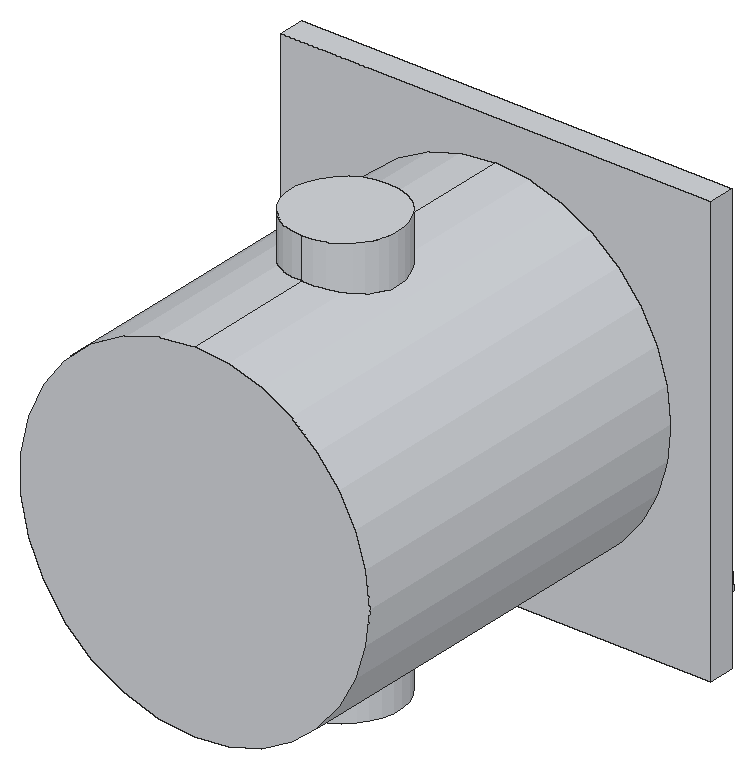
Revit family "LS_Kreuzschalter_V1700", category Lichtschalter, Revit 2017
Family settings
  Beschriftungsausrichtung beibehalten = Nein
  Bemaßung runder Anschluss = Durchmesser verwenden
  Teiletyp = Schalter
  OmniClass-Nummer = 23.80.70.00
  OmniClass-Titel = Lighting
  Arbeitsebenenbasiert = Nein
  Immer vertikal = Ja
  Beim Laden mit Abzugskörper schneiden = Nein
  Gemeinsam genutzt = Nein
  Raumberechnungspunkt = Nein
Parameters (values of type "Kreuzschalter_Leuchte")
  pbr_Material_KZ = ""
  pbr_Material = none
  pbr_E_Typ = ""
  pbr_E_KZ = ""
  pbr_DINBild = 0
  pbr_Bild = 0
  pbr_3Dx_Delta_Korrekturversatz [instance] = 0 mm
  pbr_3DX_Versatzfaktor [instance] = 0
  pbr_2DY_Versatzfaktor [instance] = 0
  pbr_2DX_Versatzfaktor [instance] = 0
  lfd_STRK [instance] = 0
  cpiFitMatchKey [instance] = "E-DS"
  Zentrale [instance] = ""
  Typ [instance] = ""
  Text3 [instance] = ""
  Text2 [instance] = ""
  Text1 [instance] = ""
  Schaltgruppe2 [instance] = 0
  Schaltgruppe1 [instance] = 0
  Planungsbüro Rohling = "www.pbr.de"
  Netzart = ""
  Menge(Dosenzahl) [instance] = 0
  Linie/Anschluss [instance] = ""
  Lastklassifizierung = none
  Kreuzschalter mit Lampe = yes
  Kreuzschalter = no
  Klingel = yes
  Installationsart [instance] = ""
  Info [instance] = ""
  IFC = ""
  Gewerk [instance] = "Schalt"
  Eckversatz [instance] = 0 mm
  YFrontversatz [instance] = if(pbr_2DY_Versatzfaktor = 300, 0 mm, pbr_2DY_Versatzfaktor * 300 mm)  # 0 mm
  XSeitenversatz [instance] = if(pbr_2DX_Versatzfaktor = 0, 3000 mm, 3000 mm + (pbr_2DX_Versatzfaktor * 300 mm)) + Eckversatz  # 3000 mm
  R_Leerrohranschluss = 10 mm
  Niveau [instance] = 1100 mm
  Dosentiefe = 70 mm  # constant formula
  Dosenradius = 65 mm / 2  # 32.5 mm
  D_Leerrohranschluss = 2 * R_Leerrohranschluss  # 20 mm
  Breite = 80 mm
  3DX_Versatzkontrolle [instance] = if(pbr_3DX_Versatzfaktor = 0, (pbr_2DX_Versatzfaktor * -1), (((-1 * pbr_3DX_Versatzfaktor) + pbr_2DX_Versatzfaktor) * -1))  # 0
  3DX_Versatz [instance] = if([3DX_Versatzkontrolle] = 0, 2000 mm, 2000 mm + ([3DX_Versatzkontrolle] * (300 mm - Breite))) + pbr_3Dx_Delta_Korrekturversatz  # 2000 mm
  Platzierrahmen [instance] = no
Types (2, lengths in mm): name | pbr_2DY_Versatzfaktor | pbr_2DX_Versatzfaktor | Kreuzschalter mit Lampe | Kreuzschalter | YFrontversatz | XSeitenversatz | 3DX_Versatzkontrolle | 3DX_Versatz
  Kreuzschalter | 2 | 2 | no | yes | 600 | 3600 | -2 | 1560
  Kreuzschalter_Leuchte | 0 | 0 | yes | no | 0 | 3000 | 0 | 2000
Reference planes
  plane 1 "Mitte (Vorne/Hinten)": y = 0
  plane 2: z = 0
  plane 3 "Mitte (Links/Rechts)": x = -440
  plane 4: x = -480
  plane 5: x = -400
  plane 6: z = 1140
  plane 7: z = 1060
  plane 8 "SchalterVorne": y = 5
  plane 9 "3DSchalterMitte": x = -440
  plane 10: z = 1100
  plane 11: y = -70
  plane 12: y = -35
  plane 13: x = -3440
  plane 14: x = -440
  plane 15: y = 0
Forms (mm)
  Extrusion 1, solid
    sketch origin (0, 20, 0) x (0, 0, 1) y (-1, 0, 0)
      loop
        line (1060, 480) -> (1060, 400) -> (1140, 400) -> (1140, 480) -> (1060, 480)
    from 15 to 20
  Sweep 2, solid
    path origin (-440, 0, 0) x (0, 0, 1) y (0, -1, 0)
      loop
        line (1100, 0) -> (1100, 70)
    profile origin (-440, -35, 1100) x (0, 0, -1) y (1, 0, 0)
      loop
        circle (0, 0) r 32.5
  Sweep 3, solid
    path origin (0, 0, 0) x (1, 0, 0) y (0, 1, 0)
      loop
        line (-472.5, 0) -> (-407.5, 0)
    profile origin (-440, 0, 0) x (0, 1, 0) y (0, 0, 1)
      loop
        line (5, 1135) -> (5, 1066.102) -> (14.712, 1066.102) -> (7.47, 1135) -> (5, 1135)
  Sweep 4, solid
    path origin (-440, 0, 0) x (0, 0, 1) y (0, -1, 0)
      loop
        line (1060, 35) -> (1140, 35)
    profile origin (-440, -35, 1100) x (0, -1, 0) y (1, 0, 0)
      loop
        circle (0, 0) r 10
Cuts and joins
  joined: Sweep 2, Sweep 4
  joined: Extrusion 1, Sweep 3
Dimensions and locks
  plane 5 to plane 4 = 80 mm
  plane 6 to plane 7 = 80 mm
  equal spacing: plane 5, plane 9 "3DSchalterMitte", plane 4
  equal spacing: plane 6, plane 10, plane 7
  "Niveau": plane 10 to level
  "Dosentiefe": plane 1 "Mitte (Vorne/Hinten)" to plane 11
  plane 8 "SchalterVorne" to plane 1 "Mitte (Vorne/Hinten)" = 5 mm
  Sweep 3 sketch curve to plane 6 = 5 mm
  "Breite": plane 5 to plane 4
  locked: plane 13 to plane 9 "3DSchalterMitte" at 3000
  plane 13 to cut or joined group of Extrusion 1, Sweep 3 = 2960 mm
  "XSeitenversatz": plane 13 to plane 14
  "YFrontversatz": plane 1 "Mitte (Vorne/Hinten)" to plane 15
  "Dosenradius": radius of Sweep 2 sketch curve
  "R_Leerrohranschluss": radius of Sweep 4 sketch curve
  aligned and locked: level to plane 2
  aligned and locked: Extrusion 1 sketch curve to plane 7
  aligned and locked: Extrusion 1 sketch curve to plane 4
  aligned and locked: Extrusion 1 sketch curve to plane 6
  aligned and locked: plane 5 to Extrusion 1 sketch curve
  aligned and locked: plane 1 "Mitte (Vorne/Hinten)" to Extrusion 1
  aligned and locked: Extrusion 1 to plane 8 "SchalterVorne"
  aligned and locked: plane 14 to nested 1
  aligned and locked: nested 1 to plane 15
  aligned and locked: nested 2 to nested 1  (x2)
Automatic sketch dimensions
  Sweep 2 sketch curve to plane 10 = 0 mm
  Sweep 2 sketch curve to plane 1 "Mitte (Vorne/Hinten)" = 0 mm
  Sweep 2 sketch curve to plane 11 = 0 mm
  plane 1 "Mitte (Vorne/Hinten)" to Sweep 3 sketch curve = 0 mm
  plane 4 to Sweep 3 sketch curve = 7.5 mm
  Sweep 3 sketch curve to plane 5 = 7.5 mm
  Sweep 3 sketch curve to profile plane = 7.47 mm
  Sweep 3 sketch curve to profile plane = 14.712 mm
  Sweep 3 sketch curve to profile plane = 5 mm
  Sweep 3 sketch curve to Sweep 3 sketch curve = 68.898 mm
  Sweep 4 sketch curve to plane 7 = 0 mm
  plane 6 to Sweep 4 sketch curve = 0 mm
  Sweep 4 sketch curve to plane 12 = 0 mm
  Sweep 2 sketch curve to plane 9 "3DSchalterMitte" = 0 mm
  Sweep 2 sketch curve to profile plane = 0 mm
  Sweep 4 sketch curve to plane 9 "3DSchalterMitte" = 0 mm
  Sweep 4 sketch curve to profile plane = 0 mm
Nested families
  nested 1: "Kreuzschalter" at (-440, 0, 0), visible <- "Kreuzschalter", type "Kreuzschalter"
  nested 2: "Kreuzschalter mit Leuchte" at (-440, 0, 0), visible <- "Kreuzschalter mit Lampe", type "Kreuzschalter mit Leuchte"
Connectors
  electrical at (-440, -35, 1140)
    settings: on cut or joined group of Sweep 2, Sweep 4, index 3, voltage 230 V, apparent load 0 VA, apparent load phase1 0 VA, apparent load phase2 0 VA, apparent load phase3 0 VA, power factor 1, load classification "Standard", number of poles 1, system type 31, power factor state 1, is connector primary yes, connector utility no, sub classification motor no, connector description ""
  cabletrayconduit at (-440, -35, 1140), diameter 20, driven by "D_Leerrohranschluss"
    settings: on cut or joined group of Sweep 2, Sweep 4, index 4, connector width 300 mm, connector height 300 mm, connector angle 0.00°, system type 32, placement type 0, profile type 0, connector reference index -1, is primary connector yes, connector utility param no, connector description ""
  cabletrayconduit at (-440, -35, 1060), diameter 20, driven by "D_Leerrohranschluss"
    settings: on cut or joined group of Sweep 2, Sweep 4, index 5, connector width 300 mm, connector height 300 mm, connector angle 0.00°, system type 32, placement type 0, profile type 0, connector reference index -1, is primary connector no, connector utility param no, connector description ""
Definition of nested family "Kreuzschalter"
  Reference planes
    plane 1 "Mitte (Vorne/Hinten)": y = 0
    plane 2: z = 0
    plane 3 "Mitte (Links/Rechts)": x = 0
  Lines and regions (mm)
    detail lines, in view "Referenzebene"
      curve 1: circle (7.56, 200.727, 0) r 66.5 normal (0, 0, 1)
      curve 2: line (38.709, 141.973, 0) -> (160.612, 0, 0)
      curve 3: line (160.612, 0, 0) -> (204.713, 44.497, 0)
      curve 4: line (-23.589, 141.973, 0) -> (-145.492, 0, 0)
      curve 5: line (-145.492, 0, 0) -> (-189.593, 44.497, 0)
      curve 6: line (38.709, 259.48, 0) -> (160.612, 401.453, 0)
      curve 7: line (160.612, 401.453, 0) -> (204.713, 356.956, 0)
      curve 8: line (-23.589, 259.48, 0) -> (-145.492, 401.453, 0)
      curve 9: line (-145.492, 401.453, 0) -> (-189.593, 356.956, 0)
Definition of nested family "Kreuzschalter mit Leuchte"
  Reference planes
    plane 1 "Mitte (Vorne/Hinten)": y = 0
    plane 2: z = 0
    plane 3 "Mitte (Links/Rechts)": x = 0
  Lines and regions (mm)
    detail lines, in view "Referenzebene"
      curve 1: circle (-0.1, 200.884, 0) r 66.5 normal (0, 0, 1)
      curve 2: line (-47.123, 247.907, 0) -> (46.923, 153.862, 0)
      curve 3: line (-47.123, 153.862, 0) -> (46.923, 247.907, 0)
      curve 4: line (31.049, 142.131, 0) -> (152.952, 0.158, 0)
      curve 5: line (152.952, 0.158, 0) -> (197.053, 44.655, 0)
      curve 6: line (-31.249, 142.131, 0) -> (-153.152, 0.158, 0)
      curve 7: line (-153.152, 0.158, 0) -> (-197.253, 44.655, 0)
      curve 8: line (31.049, 259.638, 0) -> (152.952, 401.611, 0)
      curve 9: line (152.952, 401.611, 0) -> (197.053, 357.114, 0)
      curve 10: line (-31.249, 259.638, 0) -> (-153.152, 401.611, 0)
      curve 11: line (-153.152, 401.611, 0) -> (-197.253, 357.114, 0)
